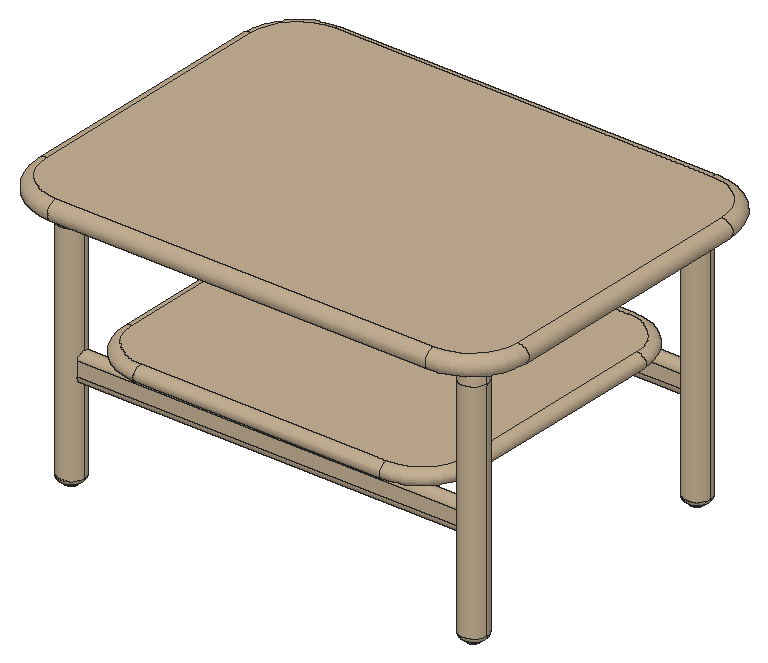
Revit family "FU_Sandler_Wudi 9-2", category Furniture, Revit 2023
Family settings
  OmniClass Number = 23.40.20.00
  OmniClass Title = General Furniture and Specialties
  Work Plane-Based = No
  Enable Cutting in Views = No
  Always vertical = Yes
  Cut with Voids When Loaded = No
  Render Appearance Source = Family Geometry
  Shared = No
  Room Calculation Point = No
Parameters (values of type "Wudi 9.2")
  Width = 600 mm
  URL = "https://www.sandlerseating.com/product/wudi-9-2/"
  Table Top = Wood - Oak - Sandler - Walnut - TableTops
  Table Leg Finish = Wood - Oak - Sandler - Walnut - Legs
  Shelf Visibility = yes
  Model = "Wudi 9.2"
  Manufacturer = "Sandler"
  Height = 335 mm  # constant formula
  Description = "Coffee table made of solid oak. 60 x 45cm"
  Depth = 450 mm  # constant formula
  Default Elevation = 0 mm
  Assembly Code = "E2020200"
Types (5, lengths in mm): name | Width | URL | Shelf Visibility | Model
  (no name) | 600 | "https://www.sandlerseating.com/product/wudi-9-2/" | yes | "Wudi 9.2"
  Wudi 9.1 | 600 | "https://www.sandlerseating.com/product/wudi-9-1/" | no | "Wudi 9.1"
  Wudi 9.2 | 600 | "https://www.sandlerseating.com/product/wudi-9-2/" | yes | "Wudi 9.2"
  Wudi 9.3 | 1200 | "https://www.sandlerseating.com/product/wudi-9-3/" | no | "Wudi 9.3"
  Wudi 9.4 | 1200 | "https://www.sandlerseating.com/product/wudi-9-4/" | yes | "Wudi 9.4"
Reference planes
  plane 1 "Center (Front/Back)": y = 0
  plane 2: z = 0
  plane 3 "Center (Left/Right)": x = 0
  plane 4: y = 225
  plane 5: y = -225
  plane 6: x = -300
  plane 7: x = 287
  plane 8 "Table top": z = 335
  plane 9: z = 312
  plane 10: y = 155
  plane 11: x = -230
  plane 12: y = -155
  plane 13: x = 230
  plane 14: y = 212
  plane 15: y = -212
  plane 16: x = -287
  plane 17: x = -245
  plane 18: x = 245
  plane 19 "Front Legs": y = -170
  plane 20 "Back Legs - Center": y = 170
  plane 21: z = 7
  plane 22: x = 300
  plane 23 "Magazine Center line": z = 134.5
  plane 24: y = -179
  plane 25: y = -161
  plane 26: y = 179
  plane 27: y = 161
  plane 28: x = -155
  plane 29: x = 155
  plane 30: x = -215
  plane 31: x = -203
  plane 32: x = 203
  plane 33: x = -215
  plane 34: x = 215
  plane 35: y = -195
  plane 36: y = -183
  plane 37: y = 195
  plane 38: y = 183
  plane 39 "shelf Bottom": z = 152
  plane 40 "Center L/S": z = 170
Forms (mm)
  Extrusion 1, solid, material "Wood - Oak - Sandler - Walnut - TableTops" <- "Table Top"
    sketch origin (0, 0, 335) x (-1, 0, 0) y (0, -1, 0)
      loop
        line (287, -155) -> (287, 155)
        arc (287, 155) -> (270.305, 195.305) -> (230, 212) r 57
        line (230, 212) -> (-230, 212)
        arc (-230, 212) -> (-270.305, 195.305) -> (-287, 155) r 57
        line (-287, 155) -> (-287, -155)
        arc (-287, -155) -> (-270.305, -195.305) -> (-230, -212) r 57
        line (-230, -212) -> (230, -212)
        arc (230, -212) -> (270.305, -195.305) -> (287, -155) r 57
    from -23 to 0
  Sweep 2, solid, material "Wood - Oak - Sandler - Walnut - TableTops" <- "Table Top"
    path in 3D
      loop
        arc (230, -212, 335) -> (270.305, -195.305, 335) -> (287, -155, 335) r 57
        line (287, -155, 335) -> (287, 155, 335)
        arc (287, 155, 335) -> (270.305, 195.305, 335) -> (230, 212, 335) r 57
        line (230, 212, 335) -> (-230, 212, 335)
        arc (-230, 212, 335) -> (-270.305, 195.305, 335) -> (-287, 155, 335) r 57
        line (-287, 155, 335) -> (-287, -155, 335)
        arc (-287, -155, 335) -> (-270.305, -195.305, 335) -> (-230, -212, 335) r 57
        line (-230, -212, 335) -> (230, -212, 335)
    profile "Profile_Ellispe_Top : 23x13 Top" origin (-287, 0, 335) x (1, 0, 0) y (0, 0, 1)
      loop
        spline (0, 0) -> (-3.365, -0.392) -> (-6.5, -1.541) -> (-9.192, -3.368) -> (-11.258, -5.75) -> (-12.557, -8.524) -> (-13, -11.5) -> (-12.557, -14.476) -> (-11.258, -17.25) -> (-9.192, -19.632) -> (-6.5, -21.459) -> (-3.365, -22.608) -> (0, -23)
        line (0, -23) -> (0, 0)
  Revolve 3, solid, material "Wood - Oak - Sandler - Walnut - Legs" <- "Table Leg Finish"
    sketch origin (0, -170, 0) x (0, 0, -1) y (-1, 0, 0)
      loop
        line (-312, 245) -> (-312, 234.772)
        arc (-312, 234.772) -> (-299.829, 230.462) -> (-287, 229) r 57.029
        line (-287, 229) -> (-12, 229)
        arc (-12, 229) -> (-8.464, 230.464) -> (-7, 234) r 5
        line (-7, 234) -> (-7, 245) -> (-312, 245)
      axis (-7, 245) -> (-312, 245)
    angle from 0 to 360
  Revolve 4, solid, material "Rubber, Black"
    sketch origin (0, -170, 0) x (0, 0, -1) y (-1, 0, 0)
      loop
        line (0, 245) -> (-7, 245) -> (-7, 236.5) -> (-3.584, 236.5)
        arc (-3.584, 236.5) -> (-2.873, 236.794) -> (-2.579, 237.505) r 1.005
        arc (-2.579, 237.505) -> (-0.694, 241.048) -> (0, 245) r 12.775
      axis (0, 245) -> (-7, 245)
    angle from 0 to 360
  Revolve 5, solid, material "Wood - Oak - Sandler - Walnut - Legs" <- "Table Leg Finish"
    sketch origin (0, -170, 0) x (0, 0, -1) y (-1, 0, 0)
      loop
        line (-312, -245) -> (-7, -245) -> (-7, -234)
        arc (-7, -234) -> (-8.464, -230.464) -> (-12, -229) r 5
        line (-12, -229) -> (-287, -229)
        arc (-287, -229) -> (-299.829, -230.462) -> (-312, -234.772) r 57.029
        line (-312, -234.772) -> (-312, -245)
      axis (-7, -245) -> (-312, -245)
    angle from 0 to 360
  Revolve 6, solid, material "Rubber, Black"
    sketch origin (0, -170, 0) x (0, 0, -1) y (-1, 0, 0)
      loop
        arc (0, -245) -> (-0.694, -241.048) -> (-2.579, -237.505) r 12.775
        arc (-2.579, -237.505) -> (-2.873, -236.794) -> (-3.584, -236.5) r 1.005
        line (-3.584, -236.5) -> (-7, -236.5) -> (-7, -245) -> (0, -245)
      axis (0, -245) -> (-7, -245)
    angle from 0 to 360
  Revolve 7, solid, material "Wood - Oak - Sandler - Walnut - Legs" <- "Table Leg Finish"
    sketch origin (0, 170, 0) x (0, 0, -1) y (-1, 0, 0)
      loop
        line (-312, 245) -> (-312, 234.772)
        arc (-312, 234.772) -> (-299.829, 230.462) -> (-287, 229) r 57.029
        line (-287, 229) -> (-12, 229)
        arc (-12, 229) -> (-8.464, 230.464) -> (-7, 234) r 5
        line (-7, 234) -> (-7, 245) -> (-312, 245)
      axis (-7, 245) -> (-312, 245)
    angle from 0 to 360
  Revolve 8, solid, material "Rubber, Black"
    sketch origin (0, 170, 0) x (0, 0, -1) y (-1, 0, 0)
      loop
        line (0, 245) -> (-7, 245) -> (-7, 236.5) -> (-3.584, 236.5)
        arc (-3.584, 236.5) -> (-2.873, 236.794) -> (-2.579, 237.505) r 1.005
        arc (-2.579, 237.505) -> (-0.694, 241.048) -> (0, 245) r 12.775
      axis (0, 245) -> (-7, 245)
    angle from 0 to 360
  Revolve 9, solid, material "Wood - Oak - Sandler - Walnut - Legs" <- "Table Leg Finish"
    sketch origin (0, 170, 0) x (0, 0, -1) y (-1, 0, 0)
      loop
        line (-312, -245) -> (-7, -245) -> (-7, -234)
        arc (-7, -234) -> (-8.464, -230.464) -> (-12, -229) r 5
        line (-12, -229) -> (-287, -229)
        arc (-287, -229) -> (-299.829, -230.462) -> (-312, -234.772) r 57.029
        line (-312, -234.772) -> (-312, -245)
      axis (-7, -245) -> (-312, -245)
    angle from 0 to 360
  Revolve 10, solid, material "Rubber, Black"
    sketch origin (0, 170, 0) x (0, 0, -1) y (-1, 0, 0)
      loop
        arc (0, -245) -> (-0.694, -241.048) -> (-2.579, -237.505) r 12.775
        arc (-2.579, -237.505) -> (-2.873, -236.794) -> (-3.584, -236.5) r 1.005
        line (-3.584, -236.5) -> (-7, -236.5) -> (-7, -245) -> (0, -245)
      axis (0, -245) -> (-7, -245)
    angle from 0 to 360
  Sweep 11, solid, material "Wood - Oak - Sandler - Walnut - Legs" <- "Table Leg Finish"
    path in 3D
      loop
        line (-245, -170, 134.5) -> (245, -170, 134.5)
    profile origin (0, -170, 134.5) x (0, 0, -1) y (0, 1, 0)
      loop
        line (-8.5, -9) -> (8.5, -9)
        arc (8.5, -9) -> (17.5, 0) -> (8.5, 9) r 9
        line (8.5, 9) -> (-8.5, 9)
        arc (-8.5, 9) -> (-17.5, 0) -> (-8.5, -9) r 9
      loop
        arc (8.5, 331) -> (17.5, 340) -> (8.5, 349) r 9
        line (8.5, 349) -> (-8.5, 349)
        arc (-8.5, 349) -> (-17.5, 340) -> (-8.5, 331) r 9
        line (-8.5, 331) -> (8.5, 331)
  Sweep 12, solid, material "Wood - Oak - Sandler - Walnut - Legs" <- "Table Leg Finish"
    path in 3D
      loop
        line (0, 170, 134.5) -> (0, -170, 134.5)
    profile origin (0, 0, 134.5) x (0, 0, -1) y (1, 0, 0)
      loop
        line (-2.5, -162.5) -> (2.5, -162.5)
        arc (2.5, -162.5) -> (10, -155) -> (2.5, -147.5) r 7.5
        line (2.5, -147.5) -> (-2.5, -147.5)
        arc (-2.5, -147.5) -> (-10, -155) -> (-2.5, -162.5) r 7.5
      loop
        line (-2.5, 147.5) -> (2.5, 147.5)
        arc (2.5, 147.5) -> (10, 155) -> (2.5, 162.5) r 7.5
        line (2.5, 162.5) -> (-2.5, 162.5)
        arc (-2.5, 162.5) -> (-10, 155) -> (-2.5, 147.5) r 7.5
  Extrusion 13, solid, material "Wood - Oak - Sandler - Walnut - TableTops" <- "Table Top", visible <- "Shelf Visibility"
    sketch origin (0, 0, 152) x (1, 0, 0) y (0, 1, 0)
      loop
        line (-203, 130) -> (-203, -130)
        arc (-203, -130) -> (-187.477, -167.477) -> (-150, -183) r 53
        line (-150, -183) -> (150, -183)
        arc (150, -183) -> (187.477, -167.477) -> (203, -130) r 53
        line (203, -130) -> (203, 130)
        arc (203, 130) -> (187.477, 167.477) -> (150, 183) r 53
        line (150, 183) -> (-150, 183)
        arc (-150, 183) -> (-187.477, 167.477) -> (-203, 130) r 53
    from 0 to 18
  Sweep 14, solid, material "Wood - Oak - Sandler - Walnut - TableTops" <- "Table Top", visible <- "Shelf Visibility"
    path in 3D
      loop
        arc (150, -183, 170) -> (187.477, -167.477, 170) -> (203, -130, 170) r 53
        line (203, -130, 170) -> (203, 130, 170)
        arc (203, 130, 170) -> (187.477, 167.477, 170) -> (150, 183, 170) r 53
        line (150, 183, 170) -> (-150, 183, 170)
        arc (-150, 183, 170) -> (-187.477, 167.477, 170) -> (-203, 130, 170) r 53
        line (-203, 130, 170) -> (-203, -130, 170)
        arc (-203, -130, 170) -> (-187.477, -167.477, 170) -> (-150, -183, 170) r 53
        line (-150, -183, 170) -> (150, -183, 170)
    profile "Profile_Ellispe_Top : 18x12 Shelf" origin (0, -183, 170) x (0, 1, 0) y (0, 0, 1)
      loop
        spline (0, 0) -> (-3.106, -0.307) -> (-6, -1.206) -> (-8.485, -2.636) -> (-10.392, -4.5) -> (-11.591, -6.671) -> (-12, -9) -> (-11.591, -11.329) -> (-10.392, -13.5) -> (-8.485, -15.364) -> (-6, -16.794) -> (-3.106, -17.693) -> (0, -18)
        line (0, -18) -> (0, 0)
Cuts and joins
  joined: Extrusion 1, Sweep 2
  joined: Revolve 3, Revolve 5, Revolve 7, Revolve 9, Sweep 11, Sweep 12
  joined: Extrusion 13, Sweep 14
Lines and regions (mm)
  sketch lines
    curve 1: line (-230, -212, 335) -> (230, -212, 335)
    curve 2: arc (287, -155, 335) -> (270.305, -195.305, 335) -> (230, -212, 335) r 57
    curve 3: line (287, -155, 335) -> (287, 155, 335)
    curve 4: arc (230, 212, 335) -> (270.305, 195.305, 335) -> (287, 155, 335) r 57
    curve 5: line (230, 212, 335) -> (-230, 212, 335)
    curve 6: arc (-287, 155, 335) -> (-270.305, 195.305, 335) -> (-230, 212, 335) r 57
    curve 7: line (-287, 155, 335) -> (-287, -155, 335)
    curve 8: arc (-230, -212, 335) -> (-270.305, -195.305, 335) -> (-287, -155, 335) r 57
    curve 11: line (-245, -170, 134.5) -> (245, -170, 134.5)
    curve 13: line (0, 170, 134.5) -> (0, -170, 134.5)
    curve 14: line (-150, -183, 170) -> (150, -183, 170)
    curve 15: arc (-150, -183, 170) -> (-187.477, -167.477, 170) -> (-203, -130, 170) r 53
    curve 16: line (-203, 130, 170) -> (-203, -130, 170)
    curve 17: arc (-203, 130, 170) -> (-187.477, 167.477, 170) -> (-150, 183, 170) r 53
    curve 18: line (150, 183, 170) -> (-150, 183, 170)
    curve 19: arc (150, 183, 170) -> (187.477, 167.477, 170) -> (203, 130, 170) r 53
    curve 20: line (203, -130, 170) -> (203, 130, 170)
    curve 21: arc (203, -130, 170) -> (187.477, -167.477, 170) -> (150, -183, 170) r 53
  reference lines
    curve 9: line (-245, -170, 134.5) -> (245, -170, 134.5)
    curve 10: line (245, 170, 134.5) -> (-245, 170, 134.5)
    curve 12: line (0, 170, 134.5) -> (0, -170, 134.5)
Dimensions and locks
  equal spacing: plane 6, plane 3 "Center (Left/Right)", plane 22
  equal spacing: plane 4, plane 1 "Center (Front/Back)", plane 5
  "Width": plane 6 to plane 22
  "Depth": plane 4 to plane 5
  "Height": plane 8 "Table top" to level
  locked: plane 8 "Table top" to plane 9 at 23
  locked: plane 6 to plane 11 at 70
  locked: plane 4 to plane 10 at 70
  locked: plane 5 to plane 12 at 70
  locked: plane 4 to plane 14 at 13
  locked: plane 5 to plane 15 at 13
  locked: plane 6 to plane 16 at 13
  locked: plane 6 to plane 17 at 55
  locked: plane 4 to plane 20 "Back Legs - Center" at 55
  locked: plane 18 to plane 22 at 55
  locked: plane 13 to plane 22 at 70
  locked: plane 7 to plane 22 at 13
  locked: plane 23 "Magazine Center line" to level at 134.5
  plane 27 to plane 20 "Back Legs - Center" to plane 26 = 9 mm locked, 9 mm locked
  plane 24 to plane 19 "Front Legs" to plane 25 = 9 mm locked, 9 mm locked
  locked: plane 28 to plane 17 at 90
  locked: plane 29 to plane 18 at 90
  equal spacing: Sweep 12 sketch curve, plane 28, Sweep 12 sketch curve, locked at 7.5 each
  equal spacing: Sweep 12 sketch curve, plane 29, Sweep 12 sketch curve, locked at 7.5 each
  plane 17 to plane 30 to plane 31 = 30 mm locked, 12 mm locked
  plane 32 to plane 34 to plane 18 = 12 mm locked, 30 mm locked
  plane 19 "Front Legs" to plane 36 to plane 35 = 13 mm locked, 12 mm locked
  plane 20 "Back Legs - Center" to plane 38 to plane 37 = 13 mm locked, 12 mm locked
  locked: plane 31 to Extrusion 13 sketch curve at 53  (x2)
  locked: Extrusion 13 sketch curve to plane 32 at 53  (x2)
  locked: plane 38 to Extrusion 13 sketch curve at 53  (x2)
  locked: plane 36 to Extrusion 13 sketch curve at 53  (x2)
  locked: plane 40 "Center L/S" to plane 39 "shelf Bottom" at 18
  locked: plane 39 "shelf Bottom" to plane 23 "Magazine Center line" at 17.5
  aligned and locked: level to plane 2
  aligned and locked: Extrusion 1 to plane 9
  aligned and locked: plane 8 "Table top" to Extrusion 1
  aligned and locked: Revolve 3 sketch curve to plane 17  (x2)
  aligned and locked: Revolve 4 sketch curve to plane 17
  aligned and locked: Revolve 3 sketch curve to plane 21
  aligned and locked: plane 9 to Revolve 3 sketch curve
  aligned and locked: Revolve 4 sketch curve to plane 21
  aligned and locked: Extrusion 1 sketch curve to plane 16
  aligned and locked: Extrusion 1 sketch curve to plane 7
  aligned and locked: plane 10 to Extrusion 1 sketch curve  (x2)
  aligned and locked: plane 11 to Extrusion 1 sketch curve  (x2)
  aligned and locked: plane 12 to Extrusion 1 sketch curve  (x2)
  aligned and locked: plane 13 to Extrusion 1 sketch curve  (x2)
  aligned and locked: Revolve 5 sketch curve to plane 18
  aligned and locked: plane 18 to Revolve 5 sketch curve
  aligned and locked: Revolve 6 sketch curve to plane 18  (x2)
  aligned and locked: Revolve 9 sketch curve to plane 18  (x2)
  aligned and locked: Revolve 7 sketch curve to plane 17
  aligned and locked: plane 17 to Revolve 7 sketch curve
  aligned and locked: Revolve 8 sketch curve to plane 17  (x2)
  aligned and locked: Revolve 10 sketch curve to plane 18
  aligned and locked: plane 18 to Revolve 10 sketch curve
  aligned and locked: curve 9 to plane 23 "Magazine Center line"
  aligned and locked: plane 17 to curve 9
  aligned and locked: plane 18 to curve 9
  aligned and locked: curve 10 to plane 23 "Magazine Center line"
  aligned and locked: plane 18 to curve 10
  aligned and locked: plane 17 to curve 10
  aligned and locked: Sweep 11 sketch curve to plane 25
  aligned and locked: Sweep 11 sketch curve to plane 27
  aligned and locked: Sweep 11 sketch curve to plane 26
  aligned and locked: curve 12 to plane 23 "Magazine Center line"
  aligned and locked: plane 20 "Back Legs - Center" to curve 10  (x2)
  aligned and locked: plane 19 "Front Legs" to curve 9
  aligned and locked: plane 36 to Extrusion 13 sketch curve
  aligned and locked: Extrusion 13 to plane 40 "Center L/S"
  aligned and locked: plane 39 "shelf Bottom" to Extrusion 13
Automatic sketch dimensions
  plane 11 to Revolve 3 sketch curve = 1 mm
  Revolve 3 sketch curve to plane 9 = 25 mm
  Revolve 3 sketch curve to plane 11 = 4 mm
  Revolve 3 sketch curve to Revolve 3 sketch curve = 10.228 mm
  plane 8 "Table top" to Revolve 3 sketch curve = 116.452 mm
  Revolve 3 sketch curve to level = 64.576 mm
  Revolve 4 sketch curve to plane 17 = 0 mm
  Revolve 4 sketch curve to level = 0 mm
  Revolve 4 sketch curve to plane 17 = 0.204 mm
  Revolve 4 sketch curve to plane 21 = 5.773 mm
  plane 21 to Revolve 4 sketch curve = 3.416 mm
  Revolve 4 sketch curve to plane 11 = 7.505 mm
  plane 8 "Table top" to Revolve 4 sketch curve = 116.452 mm
  Revolve 4 sketch curve to level = 64.576 mm
  Revolve 5 sketch curve to plane 9 = 0 mm
  Revolve 5 sketch curve to plane 21 = 0 mm
  plane 13 to Revolve 5 sketch curve = 1 mm
  Revolve 5 sketch curve to plane 9 = 25 mm
  Revolve 5 sketch curve to plane 13 = 4 mm
  Revolve 5 sketch curve to plane 7 = 0.971 mm
  plane 8 "Table top" to Revolve 5 sketch curve = 116.452 mm
  Revolve 5 sketch curve to level = 64.576 mm
  Revolve 6 sketch curve to plane 21 = 0 mm
  Revolve 6 sketch curve to level = 0 mm
  Revolve 6 sketch curve to plane 18 = 0.204 mm
  Revolve 6 sketch curve to plane 21 = 5.773 mm
  plane 21 to Revolve 6 sketch curve = 3.416 mm
  Revolve 6 sketch curve to plane 13 = 7.505 mm
  plane 8 "Table top" to Revolve 6 sketch curve = 116.452 mm
  Revolve 6 sketch curve to Revolve 6 sketch curve = 64.576 mm
  Revolve 7 sketch curve to plane 9 = 0 mm
  Revolve 7 sketch curve to plane 21 = 0 mm
  Revolve 7 sketch curve to plane 11 = 1 mm
  plane 9 to Revolve 7 sketch curve = 25 mm
  plane 11 to Revolve 7 sketch curve = 4 mm
  Revolve 7 sketch curve to Revolve 7 sketch curve = 10.228 mm
  Revolve 7 sketch curve to plane 8 "Table top" = 116.452 mm
  level to Revolve 7 sketch curve = 64.576 mm
  Revolve 8 sketch curve to plane 21 = 0 mm
  Revolve 8 sketch curve to level = 0 mm
  plane 17 to Revolve 8 sketch curve = 0.204 mm
  plane 21 to Revolve 8 sketch curve = 5.773 mm
  Revolve 8 sketch curve to plane 21 = 3.416 mm
  plane 11 to Revolve 8 sketch curve = 7.505 mm
  Revolve 8 sketch curve to plane 8 "Table top" = 116.452 mm
  level to Revolve 8 sketch curve = 64.576 mm
  Revolve 9 sketch curve to plane 9 = 0 mm
  Revolve 9 sketch curve to plane 21 = 0 mm
  Revolve 9 sketch curve to plane 13 = 1 mm
  plane 9 to Revolve 9 sketch curve = 25 mm
  plane 13 to Revolve 9 sketch curve = 4 mm
  plane 7 to Revolve 9 sketch curve = 0.971 mm
  Revolve 9 sketch curve to plane 8 "Table top" = 116.452 mm
  level to Revolve 9 sketch curve = 64.576 mm
  Revolve 10 sketch curve to plane 21 = 0 mm
  Revolve 10 sketch curve to level = 0 mm
  plane 18 to Revolve 10 sketch curve = 0.204 mm
  plane 21 to Revolve 10 sketch curve = 5.773 mm
  Revolve 10 sketch curve to plane 21 = 3.416 mm
  plane 13 to Revolve 10 sketch curve = 7.505 mm
  Revolve 10 sketch curve to plane 8 "Table top" = 116.452 mm
  Revolve 10 sketch curve to Revolve 10 sketch curve = 64.576 mm
  profile plane to Sweep 11 sketch curve = 8.5 mm  (x2)
  Sweep 11 sketch curve to profile plane = 8.5 mm  (x2)
  Sweep 11 sketch curve to profile plane = 0 mm
  curve 12 to plane 19 "Front Legs" = 0 mm
  curve 12 to plane 20 "Back Legs - Center" = 0 mm
  profile plane to Sweep 12 sketch curve = 2.5 mm  (x2)
  Sweep 12 sketch curve to profile plane = 2.5 mm  (x2)
  Sweep 12 sketch curve to Sweep 12 sketch curve = 7.5 mm  (x2)
